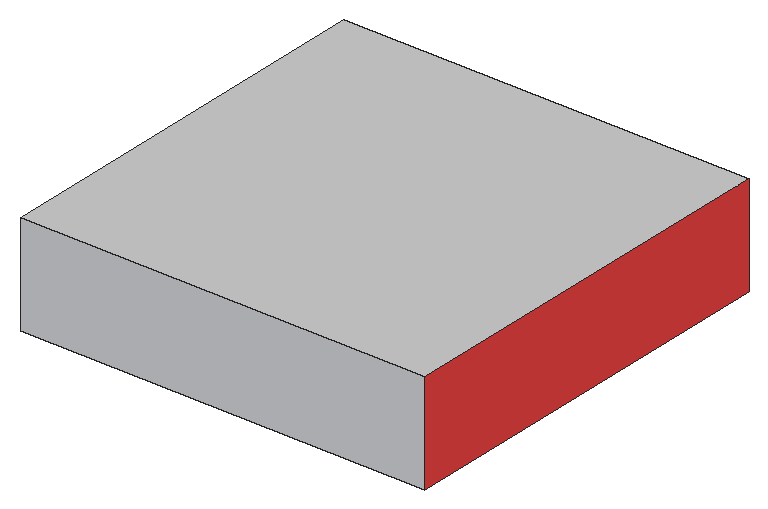
Revit family "GRIFO DE LAVABO KILY sin desagüe automatico", category Aparatos sanitarios, Revit 2015
Parameters (values of type "4955000")
  URL = "http://www.griferiasgalindo.com/lavabo/kily/grifo-de-lavabo-kily?c=es"
  Teléfono = "(+34) 915 782 575"
  TIPO DE AGUA = "Fria/Caliente"
  REFERENCIA = "4955000"
  Presión Máxima = ""
  PESO BRUTO = ""
  Modelo = "KILY"
  Material = LATON CROMADO
  Imagen de tipo = <Ninguno>
  Fabricante = "PRESTO IBÉRICA"
  Default Elevation = 1219.2 mm
  ENTRADA = "Con latiguillos flexibles de 3/8”"
  Descripción = "Grifo monomando de lavabo Kily. Colección de líneas refinadas y elegantes que se adaptan a todo tipo de ambientes. Su original maneta de forma ondulada destaca en inclinación del escultural diseño del cuerpo del grifo. Una grifería que decora el espacio de baño con personalidad siendo piezas prácticas y ergonómicas muy confortables con el toque de distinción perfecto."
  Código de montaje = "C1030220"
  Contacto = "info@prestoiberica.com"
  Conexión AF = yes
  Conexión AC = yes
  Comentarios de tipo = "◦Grifo monomando de lavabo\r\n◦Acabado Cromo\r\n◦Sin desagüe automático\r\n◦Cartucho sellado mezclador con discos cerámicos Ø25mm y aireador oculto\r\n◦Tubos de alimentación flexibles 3/8\" y longitud 45 cm"
  CIERRE = ""
  CAUDAL = "6,6 l/min a 3 bar"
  Accionamiento = "Por maneta"
Reference planes
  plane 1 "Centro (Frontal/Posterior)": y = 0
  plane 2: z = 0
  plane 3 "Centro (Izquierda/Derecha)": x = 0
Forms (mm)
  Extrusion 1, solid
    sketch origin (0, 0, 0) x (1, 0, 0) y (0, 1, 0)
      loop
        line (-100, 100) -> (-100, -100) -> (100, -100) -> (100, 100) -> (-100, 100)
    from 0 to -50
Dimensions and locks
  Extrusion 1 sketch curve to plane 1 "Centro (Frontal/Posterior)" = 100 mm
  aligned and locked: plane 2 to Extrusion 1
  aligned and locked: level to Extrusion 1
Connectors
  piping at (7, 6, 0), diameter 19.1
    settings: on import instance, index 1, connector inside diameter 609.6 mm, connector length 0 mm, flow factor 0, pipe flow 0.0 L/s, pressure drop 0.0 Pa, fitting loss kfactor 0, connector angle 0.00°, fixture units 0, engagement length 0 mm, angle of deflection 0.00°, flow configuration 0, flow direction 0, fitting loss method 0, system type 7, joint type 0, gender type 0, connector reference index -1, connector utility 0, adjustable connector no, is connector primary yes, connector description ""
